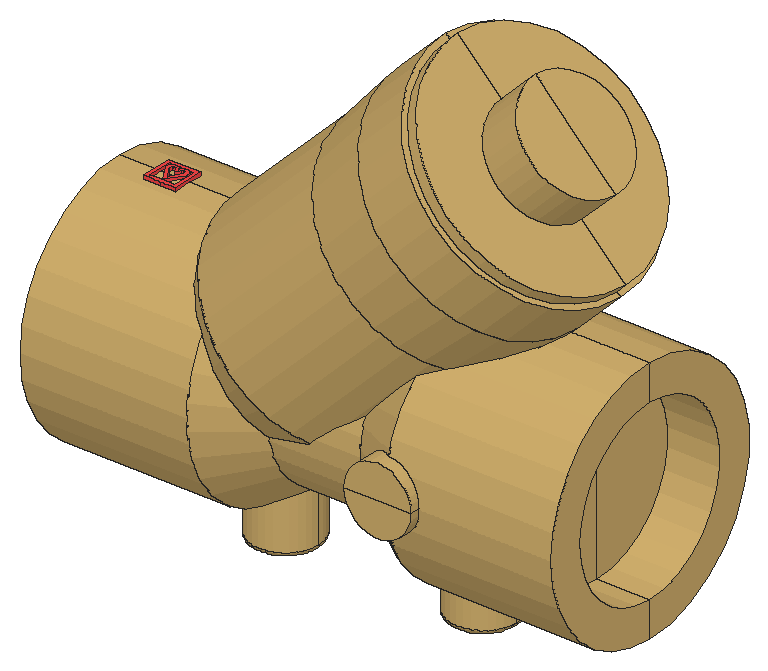
Revit family "Strainers 4111", category Rohrzubehör, Revit 2019
Family settings
  Bemaßung runder Anschluss = Durchmesser verwenden
  Teiletyp = Unterbricht
  OmniClass-Nummer = 23.65.55.14
  OmniClass-Titel = Valves for Liquid Services
  Arbeitsebenenbasiert = Nein
  Immer vertikal = Ja
  Beim Laden mit Abzugskörper schneiden = Nein
  Gemeinsam genutzt = Nein
Parameters
  max. Operating temperature = 110 °C  # constant formula
  Internal thread = "acc. to ISO 228-1"  # constant formula
  W01 = 45.00°  # constant formula
  URL = "www.herzvalves.com"
  Part number [instance] = size_lookup("4111_", "Artnr", 0, Nennweite)  # 1411116
  Closing plug = "forged brass acc to. EN 12420, CW617N"  # constant formula
  Sieve = "stainless steel, single, 1 4111 41-42: mashed perforation 0,5mm; 1 4111 14-18: meshed perforation 0.75mm"  # constant formula
  SW02 [instance] = size_lookup("4111_", "SW2", 11.000 mm, Nennweite)  # 8.500 mm
  SW01 [instance] = size_lookup("4111_", "SW1", 16.000 mm, Nennweite)  # 16.000 mm
  SCTWSEQ = "AW;SBT_TYP_AW=\"112\";2"
  SCTWCODE = "04;16;02"  # constant formula
  SCRNSEQ = "AWI;AWI_TYP=\"1011\";2"
  SCRNCODE = "05;15;02"  # constant formula
  S01 [instance] = R01 * 2  # 70.000 mm
  R100 = 1.000 mm  # constant formula
  R10 [instance] = size_lookup("4111_", "R10", 8.500 mm, Nennweite)  # 6.950 mm
  R09 [instance] = size_lookup("4111_", "R9", 30.000 mm, Nennweite)  # 25.000 mm
  R08 [instance] = R07 - 1.500 mm  # 33.500 mm
  R07 [instance] = size_lookup("4111_", "R7", 46.500 mm, Nennweite)  # 35.000 mm
  R06 [instance] = size_lookup("4111_", "R6", 43.000 mm, Nennweite)  # 33.500 mm
  R05 [instance] = Nennweite / 2  # 25.000 mm
  R04 [instance] = size_lookup("4111_", "R4", 11.500 mm, Nennweite)  # 9.500 mm
  R03 = 9.500 mm  # constant formula
  R02 [instance] = Nennweite / 2  # 25.000 mm
  R01 [instance] = (Nennweite / 2) + 10.000 mm  # 35.000 mm
  PN [instance] = size_lookup("4111_", "PN", 16, Nennweite)  # 16
  Nennweite [instance] = 50.000 mm
  Medium = "heating water quality according to ÖNORM H5195 or VDI-Standard 2035.\r\nthe use of ethylene or propylene glycol in a mixing ratio 25- 50% is allowed.\r\nplease refer to manufacturers documentation when using ethylene glycol products for frost and corrosion protection.\r\nHERZ ball valve for heating and chilled water is not suitable for usage of agressive medium (such as: acids, alkalis, combustible and explosive gases) because it can destroy sealing components."
  L16 [instance] = L03 - 4.500 mm  # 10.500 mm
  L15 [instance] = R01 - 1.000 mm  # 34.000 mm
  L14 [instance] = L06 - L08  # 20.500 mm
  L13 [instance] = size_lookup("4111_", "L13", 4.000 mm, Nennweite)  # 3.500 mm
  L12 = 0.800 mm  # constant formula
  L11 [instance] = size_lookup("4111_", "L11", 11.000 mm, Nennweite)  # 13.500 mm
  L10 = 3.500 mm  # constant formula
  L09 [instance] = size_lookup("4111_", "L9", 11.000 mm, Nennweite)  # 17.500 mm
  L08 [instance] = size_lookup("4111_", "L8", 35.000 mm, Nennweite)  # 66.000 mm
  L07 [instance] = size_lookup("4111_", "L7", 35.000 mm, Nennweite)  # 31.500 mm
  L06 [instance] = size_lookup("4111_", "L6", 118.000 mm, Nennweite) - L09  # 86.500 mm
  L05 [instance] = size_lookup("4111_", "L5", 44.000 mm, Nennweite)  # 36.500 mm
  L04 [instance] = size_lookup("4111_", "L4", 45.000 mm, Nennweite)  # 37.500 mm
  L03 = 15.000 mm  # constant formula
  L02 [instance] = size_lookup("4111_", "L2", 22.000 mm, Nennweite)  # 13.000 mm
  L01 [instance] = size_lookup("4111_", "L1", 48.000 mm, Nennweite)  # 47.000 mm
  L00 [instance] = size_lookup("4111_", "L", 180.000 mm, Nennweite)  # 150.000 mm
  Hersteller = "Herz-Armaturen GmbH"  # constant formula
  H01 [instance] = size_lookup("4111_", "H1", 53.000 mm, Nennweite)  # 45.000 mm
  Body = "casted, dezincification-resistant brass CC770S"  # constant formula
  Plug seals = "EPDM"  # constant formula
  Application = "strainers are installed in pipes to protect the finely machined valve seats from particles.\r\nfield of application are building services, such as in heating or chilled water units for air conditioning in buildings.\r\nEPDM sealings can be destroyed by organic hydro carbons, which are occurring in natural gas, mineral oil or lubricants."
Reference planes
  plane 1 "Mitte (Vorne/hinten)": y = 0
  plane 2: z = 0
  plane 3 "Mitte (Links/rechts)": x = 0
Forms (mm)
  Revolve 1, solid, material "Messing", detail levels fine
    sketch origin (470, 0, 0) x (1, 0, 0) y (0, 0, 1)
      loop
        line (-545, 25) -> (-530, 25) -> (-530, 0) -> (-410, 0) -> (-410, 25) -> (-395, 25) -> (-395, 35) -> (-442, 35) -> (-457, 25) -> (-483, 25) -> (-498, 35) -> (-545, 35) -> (-545, 25)
      axis (-545, 0) -> (-395, 0)
    angle from 0 to 360
  Revolve 2, solid, material "Messing", detail levels fine
    sketch origin (470, 0, 0) x (1, 0, 0) y (0, 0, 1)
      loop
        line (-507.5, 0) -> (-507.5, -44)
        arc (-507.5, -44) -> (-507.207, -44.707) -> (-506.5, -45) r 1
        line (-506.5, -45) -> (-498, -45) -> (-498, 0) -> (-507.5, 0)
      axis (-498, 0) -> (-498, -45)
    angle from 0 to 360
  Revolve 3, solid, material "Messing", detail levels fine
    sketch origin (0, 0, 0) x (1, 0, 0) y (0, 1, 0)
      loop
        line (28, -37.5) -> (37.5, -37.5) -> (37.5, 36.5) -> (28, 36.5) -> (28, -37.5)
      axis (28, -37.5) -> (28, 36.5)
    angle from 0 to 360
  Revolve 4, solid, material "Messing", detail levels fine
    sketch origin (-470, 0, 0) x (-1, 0, 0) y (0, 0, 1)
      loop
        line (-507.5, 0) -> (-507.5, -44)
        arc (-507.5, -44) -> (-507.207, -44.707) -> (-506.5, -45) r 1
        line (-506.5, -45) -> (-498, -45) -> (-498, 0) -> (-507.5, 0)
      axis (-498, 0) -> (-498, -45)
    angle from 0 to 360
  Revolve 5, solid, material "Messing", detail levels fine
    sketch origin (0.32, 0, -0.105) x (1, 0, 0) y (0, 0, 1)
      loop
        line (-31.82, 0) -> (53.74, 85.56) -> (42.426, 96.874) -> (32.88, 87.328) -> (20.506, 99.702) -> (18.031, 97.227) -> (16.97, 98.288) -> (4.596, 85.913) -> (-8.839, 70.357) -> (-41.012, 38.184) -> (-49.498, 17.678) -> (-31.82, 0)
      axis (-31.82, 0) -> (53.74, 85.56)
    angle from 0 to 360
Lines and regions (mm)
  model lines, detail levels coarse+medium
    curve 1: line (-90, 0, 42.5) -> (90, 0, 42.5)
    curve 2: line (-90, 0, -27.5) -> (-90, 0, 42.5)
    curve 3: line (90, 0, -27.5) -> (-90, 0, -27.5)
    curve 4: line (90, 0, 42.5) -> (90, 0, -27.5)
    curve 6: line (-75, 27.5, 0) -> (75, 27.5, 0)
    curve 7: line (-75, -42.5, 0) -> (-75, 27.5, 0)
    curve 8: line (75, -42.5, 0) -> (-75, -42.5, 0)
    curve 9: line (75, 27.5, 0) -> (75, -42.5, 0)
    curve 10: line (75, -42.5, 0) -> (-75, 27.5, 0)
  symbolic lines, style "PipeAccessory"
    curve 5: line (90, 0, -27.5) -> (-90, 0, 42.5)
Dimensions and locks
  "H01": plane 2 to Revolve 2 sketch curve
  "L00": Revolve 1 sketch curve to Revolve 1 sketch curve
  equal spacing: Revolve 1 sketch curve, plane 3 "Mitte (Links/rechts)", Revolve 1 sketch curve
  "R01": Revolve 1 sketch curve to Revolve 1 sketch curve  (x2)
  "R02": Revolve 1 sketch curve to Revolve 1 sketch curve  (x3)
  "L01": Revolve 1 sketch curve to Revolve 1 sketch curve  (x2)
  "L02": plane 3 "Mitte (Links/rechts)" to Revolve 1 sketch curve
  "L02": Revolve 1 sketch curve to plane 3 "Mitte (Links/rechts)"
  "L03": Revolve 1 sketch curve to Revolve 1 sketch curve  (x2)
  "L01": Revolve 1 to Revolve 2 sketch curve
  "R03": Revolve 2 sketch curve to Revolve 2 sketch curve
  "L01": Revolve 4 sketch curve to Revolve 1
  "R03": Revolve 4 sketch curve to Revolve 4 sketch curve
  "H01": plane 2 to Revolve 4 sketch curve
  "L04": Revolve 3 sketch curve to plane 1 "Mitte (Vorne/hinten)"
  "L05": plane 1 "Mitte (Vorne/hinten)" to Revolve 3 sketch curve
  "R04": Revolve 3 sketch curve to Revolve 3 sketch curve
  "L01": Revolve 3 sketch curve to Revolve 1
  "SW01": Revolve 5 sketch curve to Revolve 5 sketch curve
  "R08": Revolve 5 sketch curve to Revolve 5 sketch curve
  "L10": Revolve 5 sketch curve to Revolve 5 sketch curve
  "L11": Revolve 5 sketch curve to Revolve 5 sketch curve
  "R07": Revolve 5 sketch curve to Revolve 5 sketch curve
  "L07": plane 3 "Mitte (Links/rechts)" to Revolve 5 sketch curve
  "R05": Revolve 5 sketch curve to Revolve 5 sketch curve
  "L06": Revolve 5 sketch curve to Revolve 5 sketch curve
  "L09": Revolve 5 sketch curve to Revolve 5 sketch curve
  "L08": Revolve 5 sketch curve to Revolve 5 sketch curve
  "R06": Revolve 5 sketch curve to Revolve 5 sketch curve
  "L14": Revolve 5 sketch curve to Revolve 5 sketch curve
  "L15": nested 1 to plane 2
  "L16": Revolve 1 to nested 1
  "S01": curve 1 to curve 3
  "L00": Revolve 1 to Revolve 1
  equal spacing: Revolve 1, plane 3 "Mitte (Links/rechts)", Revolve 1
  equal spacing: curve 7, plane 3 "Mitte (Links/rechts)", curve 9
  "L00": curve 7 to curve 9
  "S01": curve 6 to curve 8
  "R100": radius of Revolve 2 sketch curve
  "R100": radius of Revolve 4 sketch curve
  "W01": angle plane 2 to Revolve 5 sketch curve
  "W01": angle level to Revolve 5 sketch curve
  aligned and locked: level to plane 2
Automatic sketch dimensions
  level to curve 1 = 42.500 mm
  curve 1 to plane 3 "Mitte (Links/rechts)" = 90.000 mm
  plane 3 "Mitte (Links/rechts)" to curve 4 = 90.000 mm
  plane 1 "Mitte (Vorne/hinten)" to curve 8 = 42.500 mm
  Revolve 1 sketch curve to level = 0.000 mm  (x2)
  Revolve 1 sketch curve to Revolve 1 sketch curve = 791.990 mm
  Revolve 1 sketch curve to Revolve 1 sketch curve = 2278.983 mm
  Revolve 2 sketch curve to level = 0.000 mm  (x2)
  Revolve 2 sketch curve to Revolve 2 sketch curve = 0.000 mm
  Revolve 2 sketch curve to Revolve 2 sketch curve = 0.292 mm
  Revolve 3 sketch curve to Revolve 3 sketch curve = 0.000 mm  (x3)
  Revolve 4 sketch curve to level = 0.000 mm  (x2)
  Revolve 4 sketch curve to Revolve 4 sketch curve = 0.000 mm
  Revolve 4 sketch curve to Revolve 4 sketch curve = 0.292 mm
  Revolve 5 sketch curve to level = 0.105 mm
  Revolve 5 sketch curve to Revolve 5 sketch curve = 0.000 mm  (x2)
Nested families
  nested 1: "Herz-Logo" at (-59.982, 0, 34), type "Herz-Logo", detail levels fine
Connectors
  piping at (-60, 0, 0), diameter 50, driven by "Nennweite"
    settings: on Revolve 1, index 1, connector inside diameter 609.6 mm, connector length 0.000 mm, flow factor 0, pipe flow 0.0 L/s, pressure drop 0.0 Pa, fitting loss kfactor 0, connector angle 0.00°, fixture units 0, engagement length 0.000 mm, angle of deflection 0.00°, flow configuration 0, flow direction 1, fitting loss method 0, system type 29, joint type 0, gender type 0, connector reference index -1, connector utility 0, adjustable connector no, is connector primary yes, connector description ""
  piping at (60, 0, 0), diameter 50, driven by "Nennweite"
    settings: on Revolve 1, index 2, connector inside diameter 609.6 mm, connector length 0.000 mm, flow factor 0, pipe flow 0.0 L/s, pressure drop 0.0 Pa, fitting loss kfactor 0, connector angle 0.00°, fixture units 0, engagement length 0.000 mm, angle of deflection 0.00°, flow configuration 0, flow direction 2, fitting loss method 0, system type 29, joint type 0, gender type 0, connector reference index -1, connector utility 0, adjustable connector no, is connector primary no, connector description ""
Definition of nested family "Herz-Logo"
  Reference planes
    plane 1 "Mitte (Vorne/hinten)": y = 0
    plane 2: z = 0
    plane 3 "Mitte (Links/rechts)": x = 0
  Forms (mm)
    Extrusion 1, solid
      sketch origin (0, 0, 0) x (1, 0, 0) y (0, 1, 0)
        loop
          line (-0.018, -4.517) -> (4.482, -4.517) -> (4.482, 4.483) -> (-4.518, 4.483) -> (-4.518, -4.517) -> (-0.018, -4.517)
        loop
          line (-0.05, -3.48) -> (3.482, -3.48) -> (3.482, 3.483) -> (-3.518, 3.483) -> (-3.518, -3.48) -> (-0.05, -3.48)
        loop
          arc (-0.018, 2.383) -> (-1.543, 3.287) -> (-3.067, 2.383) r 1.738
          arc (-3.067, 2.383) -> (-3.191, 1.899) -> (-3.067, 1.415) r 1.009
          line (-3.067, 1.415) -> (-0.018, -3.281) -> (3.032, 1.415)
          arc (3.032, 1.415) -> (3.156, 1.899) -> (3.032, 2.383) r 1.009
          arc (3.032, 2.383) -> (1.507, 3.287) -> (-0.018, 2.383) r 1.738
        loop
          arc (1.885, 1.272) -> (2.005, 1.675) -> (1.885, 2.079) r 0.74
          arc (1.885, 2.079) -> (1.265, 2.416) -> (0.644, 2.079) r 0.74
          line (0.644, 2.079) -> (-0.018, 0.97) -> (-0.679, 2.079)
          arc (-0.679, 2.079) -> (-1.3, 2.416) -> (-1.921, 2.079) r 0.74
          arc (-1.921, 2.079) -> (-2.04, 1.675) -> (-1.921, 1.272) r 0.74
          line (-1.921, 1.272) -> (-0.018, -1.658) -> (1.885, 1.272)
      from 0 to 1.5
  Dimensions and locks
    aligned and locked: level to plane 2
